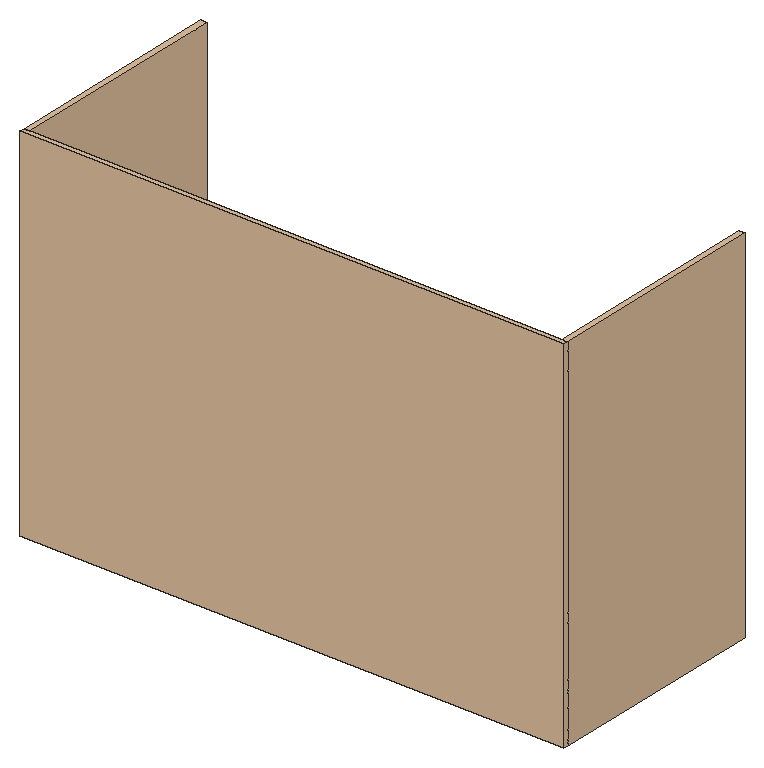
Revit family "Cabinets-Teknion-CEAFTK-Top_Filler_Cabinet_Kit_For_Appliance-R2023", category Furniture, Revit 2023
Family settings
  OmniClass Number = 23.40.20.00
  OmniClass Title = General Furniture and Specialties
  Work Plane-Based = No
  Enable Cutting in Views = No
  Always vertical = Yes
  Cut with Voids When Loaded = No
  Render Appearance Source = Family Geometry
  Shared = Yes
  Room Calculation Point = No
Parameters (values of type "Top Filler – Cabinet Kit for Appliance")
  Width [instance] = 72.000"
  Warranty = "http://www.teknion.com/ca/papers/legal-canada"
  Unit Weight URL = "http://www.teknion.com/ca/tools/assets#&asset=bee6a381-b954-425e-8283-5a2de3a804f2,f828d448-4b62-4231-9e5f-9a8991c0ed77"
  URL = "www.teknion.com"
  To render please download texture images found here [instance] = "https://assets.teknion.com/web/5e81352c1dfdb467/revit-material-swatches/"
  Sustainability Data = "https://www.teknion.com/ca/tools/assets#&topic=216f99a5-57a0-44fc-b10a-9dee9b29ae4c&asset=444deb64-fe58-4b68-981e-f75e97781df7,b4ff2d81-9f2e-437d-9659-7cffb09c31cf"
  Side Finish [instance] = Veneer - Teknion - 5N - Flintwood - White Oak
  Series = "Casework+"  # constant formula
  Product Page URL = "https://www.teknion.com/ca//products/product-details?productLineId=30ca1270-8e7a-673b-a6c8-ff05004460c4"
  Product Line = "Finishing Components"  # constant formula
  Product Documentation Link = "http://www.teknion.com/pricingguides/Casework/pdfs/CEAFTK_ppg.pdf"
  Part Number = "CEAFTK"  # constant formula
  Model = "CEAFTKF______"  # constant formula
  Manufacturer Phone = "416-661-3370"  # constant formula
  Manufacturer Fax = "416.661.4586"  # constant formula
  Manufacturer Contact Information = "http://www.teknion.com/ca/contactus"
  Manufacturer Address = "1150 Flint Road, Toronto, ON. M3J 2J5. Canada"  # constant formula
  Manufacturer = "Teknion"  # constant formula
  How To Use Teknion Materials User Guide [instance] = "https://assets.teknion.com/m/205dd0a49fa58060/original/How-to-add-a-Material-Library-and-Texture-Images-to-your-Revit-project.pdf"
  Height [instance] = 48.000"
  Front Finish [instance] = Veneer - Teknion - 5N - Flintwood - White Oak
  For Additional Finishes please visit [instance] = "https://assets.teknion.com/m/44a8009b046e5d47/original/Teknion_Materials_Library.zip"
  Description = "Top Filler – Cabinet Kit for Appliance"  # constant formula
  Depth [instance] = 30.000"
  Default Elevation = 0.000"
  Available Width [instance] = "Available In 28, 30, 32, 34, 36, 38, 40, 42, 44, 46, 50, 52,\r\n54, 56, 58, 60, 62, 64, 66, 68, 70 & 72 Inches"  # constant formula
  Available Height [instance] = "Available In 6, 12, 24, 36 & 48 Inches"  # constant formula
  Available Depth [instance] = "Available In 24, 25, 29 & 30 Inches"  # constant formula
  Assembly Code = "E2020200"
Reference planes (in)
  plane 1 "Center Front/Back": y = -7.29255
  plane 2: z = 0
  plane 3 "Center Left/Right": x = 0
  plane 4 "Left": x = -36
  plane 5 "Right": x = 36
  plane 6 "Back": y = 7.70745
  plane 7 "Front": y = -22.29255
  plane 8 "Top": z = 144
  plane 9: z = 96
Forms (in)
  Sweep 1, solid, material "Veneer - Teknion - 5N - Flintwood - White Oak" <- "Front Finish"
    path origin (0, -7.29255, 0) x (1, 0, 0) y (0, 0, 1)
      loop
        line (0, 144) -> (0, 96)
    profile origin (0, -7.29255, 120) x (0, -1, 0) y (1, 0, 0)
      loop
        line (15, -36) -> (15, 36) -> (14.29921, 36) -> (14.29921, -36) -> (15, -36)
  Sweep 2, solid, material "Veneer - Teknion - 5N - Flintwood - White Oak" <- "Side Finish"
    path origin (0, -7.29255, 0) x (1, 0, 0) y (0, 0, 1)
      loop
        line (0, 144) -> (0, 96)
    profile origin (0, -7.29255, 120) x (0, -1, 0) y (1, 0, 0)
      loop
        line (-15, -36) -> (14.29921, -36) -> (14.29921, -35.29921) -> (-15, -35.29921) -> (-15, -36)
      loop
        line (-15, 36) -> (-15, 35.29921) -> (14.29921, 35.29921) -> (14.29921, 36) -> (-15, 36)
Lines and regions (in)
  Masking region 1
    outline origin (0, 0, 0) x (1, 0, 0) y (0, 1, 0)
      loop
        line (-36, 7.70745) -> (-36, -22.29255) -> (36, -22.29255) -> (36, 7.70745) -> (35.29921, 7.70745) -> (35.29921, -21.59176) -> (-35.29921, -21.59176) -> (-35.29921, 7.70745) -> (-36, 7.70745)
  reference lines
    curve 1: line (-36, 7.70745, 0) -> (36, 7.70745, 0)
    curve 2: line (-36, 7.70745, 0) -> (-36, -22.29255, 0)
    curve 3: line (-36, -22.29255, 0) -> (36, -22.29255, 0)
    curve 4: line (36, 7.70745, 0) -> (36, -22.29255, 0)
Dimensions and locks (in)
  "Width": plane 4 "Left" to plane 5 "Right"
  "Depth": plane 6 "Back" to plane 7 "Front"
  plane 8 "Top" to level = 144.000"
  equal spacing: plane 6 "Back", plane 1 "Center Front/Back", plane 7 "Front"
  equal spacing: plane 4 "Left", plane 3 "Center Left/Right", plane 5 "Right"
  "Height": plane 8 "Top" to plane 9
  locked: plane 9 to plane 2 at 96
  locked: plane 7 "Front" to Sweep 1 sketch curve at 0.70079
  locked: Sweep 2 sketch curve to plane 5 "Right" at 0.70079
  locked: plane 4 "Left" to Sweep 2 sketch curve at 0.70079
  locked: plane 7 "Front" to Sweep 2 sketch curve at 0.70079  (x2)
  locked: plane 4 "Left" to Masking region 1 sketch curve at 0.70079
  locked: plane 7 "Front" to Masking region 1 sketch curve at 0.70079
  locked: Masking region 1 sketch curve to plane 5 "Right" at 0.70079
  aligned and locked: level to plane 2
  aligned and locked: plane 9 to Sweep 1 sketch curve
  aligned and locked: plane 8 "Top" to Sweep 1 sketch curve
  aligned and locked: Sweep 1 sketch curve to plane 3 "Center Left/Right"
  aligned and locked: Sweep 1 sketch curve to plane 7 "Front"
  aligned and locked: plane 4 "Left" to Sweep 1 sketch curve
  aligned and locked: Sweep 1 sketch curve to plane 5 "Right"
  aligned and locked: Sweep 2 sketch curve to plane 3 "Center Left/Right"
  aligned and locked: plane 9 to Sweep 2 sketch curve
  aligned and locked: plane 8 "Top" to Sweep 2 sketch curve
  aligned and locked: Sweep 2 sketch curve to plane 6 "Back"
  aligned and locked: Sweep 2 sketch curve to plane 4 "Left"
  aligned and locked: Sweep 2 sketch curve to plane 5 "Right"
  aligned and locked: Masking region 1 sketch curve to plane 6 "Back"
  aligned and locked: Masking region 1 sketch curve to plane 4 "Left"
  aligned and locked: Masking region 1 sketch curve to plane 7 "Front"
  aligned and locked: Masking region 1 sketch curve to plane 5 "Right"
  aligned and locked: nested 2 to plane 5 "Right"
  aligned and locked: nested 2 to plane 6 "Back"
  aligned and locked: plane 4 "Left" to nested 1
  aligned and locked: nested 1 to plane 6 "Back"
  aligned and locked: curve 1 to plane 6 "Back"
  aligned and locked: curve 2 to plane 4 "Left"
  aligned and locked: curve 3 to plane 7 "Front"
  aligned and locked: curve 4 to plane 5 "Right"
Automatic sketch dimensions
  Sweep 2 sketch curve to plane 1 "Center Front/Back" = 15.000"
  Masking region 1 sketch curve to plane 6 "Back" = 0.000"
Nested families (in)
  nested 1: "Teknion_2D_Node_Family-R2021" at (-36, 7.70745, 0), type "Teknion_2D_Node_Family-R2021"
  nested 2: "Teknion_2D_Node_Family-R2021" at (36, 7.70745, 0), type "Teknion_2D_Node_Family-R2021"
Definition of nested family "Teknion_2D_Node_Family-R2021"
  Reference planes (in)
    plane 1 "Center (Front/Back)": y = 0
    plane 2: z = 0
    plane 3 "Center (Left/Right)": x = 0
  Lines and regions (in)
    detail lines, in view "Ref. Level"
      curve 1: circle (0, 0, 0) r 1.25 normal (0, 0, 1)
      curve 2: line (1.91508, -1.91508, 0) -> (-1.91508, 1.91508, 0)
      curve 3: line (-1.91508, -1.91508, 0) -> (1.91508, 1.91508, 0)
